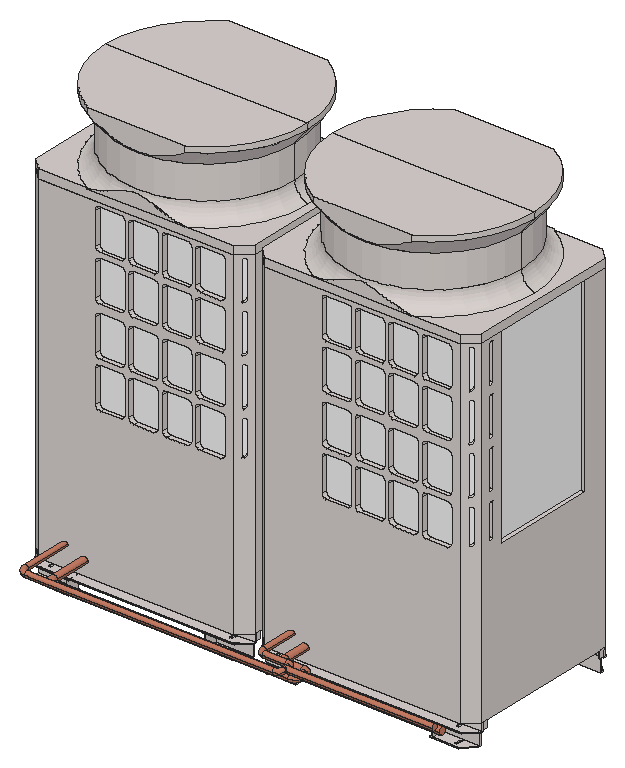
Revit family "PURY-EP600YSNW-A1", category 機械設備, Revit 2016 (continued)
Definition of nested family "PURY-EP300YNW-A1"
  Connectors
    piping at (-217, -189, 176), diameter 22.2, driven by "Gas pipe_radius"
      settings: on Extrusion 18, index 3, connector inside diameter 22.2 mm, connector length 0.000 mm, flow factor 0, pipe flow 0.0 L/s, pressure drop 0.0 Pa, fitting loss kfactor 0, connector angle 0.00°, fixture units 0, engagement length 0.000 mm, angle of deflection 0.00°, flow configuration 0, flow direction 0, fitting loss method 0, system type 22, joint type 0, gender type 0, connector reference index -1, connector utility 0, adjustable connector no, is connector primary yes, connector description "Refrigerant service valve (gas)"
    piping at (-300, -172, 176), diameter 9.52, driven by "Liquid pipe_radius"
      settings: on Extrusion 19, index 4, connector inside diameter 9.52 mm, connector length 0.000 mm, flow factor 0, pipe flow 0.0 L/s, pressure drop 0.0 Pa, fitting loss kfactor 0, connector angle 0.00°, fixture units 0, engagement length 0.000 mm, angle of deflection 0.00°, flow configuration 0, flow direction 0, fitting loss method 0, system type 22, joint type 0, gender type 0, connector reference index -1, connector utility 0, adjustable connector no, is connector primary no, connector description "Refrigerant service valve (Liquid)"
    electrical at (0, -370, 808)
      settings: on cut or joined group of Extrusion 1, Extrusion 2, Extrusion 3, Extrusion 4, Extrusion 5, Extrusion 6, Extrusion 7, Extrusion 8, Extrusion 9, Extrusion 10, Extrusion 11, Extrusion 12, Extrusion 13, Extrusion 14, Extrusion 15, Extrusion 16, Extrusion 17, Extrusion 20, Extrusion 21, Extrusion 22, Extrusion 23, Extrusion 24, Extrusion 25, Extrusion 26, Extrusion 27, Extrusion 28, Extrusion 29, Extrusion 30, Extrusion 31, Extrusion 32, index 5, voltage 415 V, apparent load 0 VA, apparent load phase1 0 VA, apparent load phase2 0 VA, apparent load phase3 0 VA, power factor 1, load classification none, number of poles 3, system type 30, power factor state 1, is connector primary yes, connector utility no, sub classification motor no, connector description ""
  Definition of nested family "FAN GUARD"
    Parameters
      WIDTH [instance] = 920.000 mm
    Reference planes
      plane 1 "中心(正面/背面)": y = 0
      plane 2: z = 0
      plane 3 "中心(左/右)": x = 0
      plane 4 "ファンガード基準面": z = 660
      plane 5: y = 370
      plane 6: y = -370
      plane 7: x = 460
      plane 8: x = -460
      plane 9 "ファンガード基準上面": z = 694
      plane 10 "ファンガード上面": z = 997
    Forms (mm)
      Extrusion 1, solid
        sketch origin (0, 0, 660) x (-1, 0, 0) y (0, -1, 0)
          loop
            line (410, -370) -> (460, -320) -> (460, 320) -> (410, 370) -> (-410, 370) -> (-460, 320) -> (-460, -320) -> (-410, -370) -> (410, -370)
        from 0 to 34
      Revolve 2, solid
        sketch origin (0, 0, 0) x (1, 0, 0) y (0, 0, 1)
          loop
            line (0, 694) -> (0, 997) -> (-423, 997) -> (-423, 973) -> (-368.829, 903.664) -> (-368.829, 764.141)
            arc (-368.829, 764.141) -> (-384.109, 719.678) -> (-423.494, 694) r 72.332
            line (-423.494, 694) -> (0, 694)
          axis (0, 997) -> (0, 694)
        angle from 0 to 360
      Extrusion 3, void
        sketch origin (0, 0, 694) x (-1, 0, 0) y (0, -1, 0)
          loop
            line (345, -370) -> (-345, -370) -> (-345, -545) -> (345, -545) -> (345, -370)
          loop
            line (345, 370) -> (345, 539.592) -> (-345, 539.592) -> (-345, 370) -> (345, 370)
        from 0 to 400
    Cuts and joins
      Extrusion 3 cuts Revolve 2
    Lines and regions (mm)
      model lines
        curve 1: line (-423, 0, 997) -> (-80, 0, 997)
        curve 2: line (80, 0, 997) -> (423, 0, 997)
        curve 3: circle (0, 0, 997) r 80 normal (0, 0, 1)
        curve 4: line (-415.366, -80, 997) -> (415.366, -80, 997)
        curve 5: line (-391.572, -160, 997) -> (391.572, -160, 997)
        curve 6: line (-348.323, -240, 997) -> (348.323, -240, 997)
        curve 7: line (-276.639, -320, 997) -> (276.639, -320, 997)
        curve 8: line (-415.366, 80, 997) -> (415.366, 80, 997)
        curve 9: line (-391.572, 160, 997) -> (391.572, 160, 997)
        curve 10: line (-348.323, 240, 997) -> (348.323, 240, 997)
        curve 11: line (-276.639, 320, 997) -> (276.639, 320, 997)
        curve 12: line (0, 370, 997) -> (0, -370, 997)
        curve 13: line (-20, 370, 997) -> (-20, -370, 997)
        curve 14: line (-40, 370, 997) -> (-40, -370, 997)
        curve 15: line (-60, 370, 997) -> (-60, -370, 997)
        curve 16: line (-80, 370, 997) -> (-80, -370, 997)
        curve 17: line (20, 370, 997) -> (20, -370, 997)
        curve 18: line (40, 370, 997) -> (40, -370, 997)
        curve 19: line (60, 370, 997) -> (60, -370, 997)
        curve 20: line (80, 370, 997) -> (80, -370, 997)
        curve 21: line (100, 370, 997) -> (100, -370, 997)
        curve 22: line (120, 370, 997) -> (120, -370, 997)
        curve 23: line (140, 370, 997) -> (140, -370, 997)
        curve 24: line (160, 370, 997) -> (160, -370, 997)
        curve 25: line (180, 370, 997) -> (180, -370, 997)
        curve 26: line (200, 370, 997) -> (200, -370, 997)
        curve 27: line (220, 361.288, 997) -> (220, -361.288, 997)
        curve 28: line (240, 348.323, 997) -> (240, -348.323, 997)
        curve 29: line (260, 333.66, 997) -> (260, -333.66, 997)
        curve 30: line (280, 317.063, 997) -> (280, -317.063, 997)
        curve 31: line (300, 298.21, 997) -> (300, -298.21, 997)
        curve 32: line (320, 276.639, 997) -> (320, -276.639, 997)
        curve 33: line (340, 251.653, 997) -> (340, -251.653, 997)
        curve 34: line (360, 222.101, 997) -> (360, -222.101, 997)
        curve 35: line (380, 185.82, 997) -> (380, -185.82, 997)
        curve 36: line (400, 137.583, 997) -> (400, -137.583, 997)
        curve 37: line (420, 50.289, 997) -> (420, -50.289, 997)
        curve 38: line (-100, 370, 997) -> (-100, -370, 997)
        curve 39: line (-120, 370, 997) -> (-120, -370, 997)
        curve 40: line (-140, 370, 997) -> (-140, -370, 997)
        curve 41: line (-160, 370, 997) -> (-160, -370, 997)
        curve 42: line (-180, 370, 997) -> (-180, -370, 997)
        curve 43: line (-200, 370, 997) -> (-200, -370, 997)
        curve 44: line (-220, 361.288, 997) -> (-220, -361.288, 997)
        curve 45: line (-240, 348.323, 997) -> (-240, -348.323, 997)
        curve 46: line (-260, 333.66, 997) -> (-260, -333.66, 997)
        curve 47: line (-280, 317.063, 997) -> (-280, -317.063, 997)
        curve 48: line (-300, 298.21, 997) -> (-300, -298.21, 997)
        curve 49: line (-320, 276.639, 997) -> (-320, -276.639, 997)
        curve 50: line (-340, 251.653, 997) -> (-340, -251.653, 997)
        curve 51: line (-360, 222.101, 997) -> (-360, -222.101, 997)
        curve 52: line (-380, 185.82, 997) -> (-380, -185.82, 997)
        curve 53: line (-400, 137.583, 997) -> (-400, -137.583, 997)
        curve 54: line (-420, 50.289, 997) -> (-420, -50.289, 997)
        curve 55: line (10, 79.373, 997) -> (10, -79.373, 997)
        curve 56: line (-10, 79.373, 997) -> (-10, -79.373, 997)
        curve 57: line (30, 74.162, 997) -> (30, -74.162, 997)
        curve 58: line (50, 62.45, 997) -> (50, -62.45, 997)
        curve 59: line (70, 38.73, 997) -> (70, -38.73, 997)
        curve 60: line (-30, 74.162, 997) -> (-30, -74.162, 997)
        curve 61: line (-50, 62.45, 997) -> (-50, -62.45, 997)
        curve 62: line (-70, 38.73, 997) -> (-70, -38.73, 997)
    Dimensions and locks
      "WIDTH": plane 8 to plane 7
      locked: plane 6 to plane 5 at 740
      equal spacing: plane 8, plane 3 "中心(左/右)", plane 7
      equal spacing: plane 6, plane 1 "中心(正面/背面)", plane 5
      plane 3 "中心(左/右)" to Revolve 2 sketch curve = 423.000 mm
      locked: plane 10 "ファンガード上面" to plane 9 "ファンガード基準上面" at 303
      aligned and locked: level to plane 2
      aligned and locked: plane 5 to Extrusion 1 sketch curve
      aligned and locked: Extrusion 1 sketch curve to plane 6
      aligned and locked: plane 8 to Extrusion 1 sketch curve
      aligned and locked: plane 7 to Extrusion 1 sketch curve
      aligned and locked: plane 9 "ファンガード基準上面" to Extrusion 1
      aligned and locked: plane 4 "ファンガード基準面" to Extrusion 1
      aligned and locked: plane 9 "ファンガード基準上面" to Revolve 2 sketch curve
      aligned and locked: Revolve 2 sketch curve to plane 3 "中心(左/右)"
      aligned and locked: Extrusion 1 to Extrusion 3 sketch curve
      aligned and locked: Extrusion 3 sketch curve to Extrusion 1
      aligned and locked: cut or joined group of Revolve 2, Extrusion 3 to plane 10 "ファンガード上面"
    Automatic sketch dimensions
      Extrusion 1 sketch curve to plane 7 = 50.000 mm  (x2)
      plane 8 to Extrusion 1 sketch curve = 50.000 mm  (x2)
      plane 5 to Extrusion 1 sketch curve = 50.000 mm  (x2)
      Extrusion 1 sketch curve to plane 6 = 50.000 mm  (x2)
      plane 3 "中心(左/右)" to Extrusion 3 sketch curve = 345.000 mm  (x2)
      Extrusion 3 sketch curve to plane 3 "中心(左/右)" = 345.000 mm  (x2)
      Extrusion 3 sketch curve to Extrusion 3 sketch curve = 175.000 mm
      Extrusion 3 sketch curve to Extrusion 3 sketch curve = 169.592 mm
      plane 1 "中心(正面/背面)" to curve 2 = 0.000 mm
      plane 1 "中心(正面/背面)" to curve 3 = 0.000 mm
      curve 3 to plane 3 "中心(左/右)" = 0.000 mm
      curve 12 to plane 3 "中心(左/右)" = 0.000 mm
      plane 1 "中心(正面/背面)" to curve 1 = 0.000 mm
      plane 3 "中心(左/右)" to curve 55 = 10.000 mm
      curve 17 to curve 12 = 20.000 mm
      curve 57 to curve 55 = 20.000 mm
      curve 18 to curve 17 = 20.000 mm
      curve 58 to curve 57 = 20.000 mm
      curve 19 to curve 18 = 20.000 mm
      curve 59 to curve 58 = 20.000 mm
      curve 20 to curve 19 = 20.000 mm
      curve 2 to curve 59 = 10.000 mm
      curve 21 to curve 20 = 20.000 mm
      curve 22 to curve 21 = 20.000 mm
      curve 23 to curve 22 = 20.000 mm
      curve 24 to curve 23 = 20.000 mm
      curve 25 to curve 24 = 20.000 mm
      curve 26 to curve 25 = 20.000 mm
      curve 27 to curve 26 = 20.000 mm
      curve 28 to curve 27 = 20.000 mm
      curve 29 to curve 28 = 20.000 mm
      curve 11 to curve 29 = 16.639 mm
      curve 7 to curve 29 = 16.639 mm
      curve 30 to curve 7 = 3.361 mm
      curve 31 to curve 30 = 20.000 mm
      curve 32 to curve 31 = 20.000 mm
      curve 33 to curve 32 = 20.000 mm
      curve 6 to curve 33 = 8.323 mm
      curve 10 to curve 33 = 8.323 mm
      curve 34 to curve 10 = 11.677 mm
      curve 35 to curve 34 = 20.000 mm
      curve 9 to curve 35 = 11.572 mm
      curve 5 to curve 35 = 11.572 mm
      curve 36 to curve 9 = 8.428 mm
      curve 8 to curve 36 = 15.366 mm
      curve 4 to curve 36 = 15.366 mm
      curve 37 to curve 8 = 4.634 mm
      curve 2 to curve 37 = 3.000 mm
      curve 56 to plane 3 "中心(左/右)" = 10.000 mm
      curve 13 to plane 3 "中心(左/右)" = 20.000 mm
      curve 56 to curve 60 = 20.000 mm
      curve 13 to curve 14 = 20.000 mm
      curve 60 to curve 61 = 20.000 mm
      curve 14 to curve 15 = 20.000 mm
      curve 61 to curve 62 = 20.000 mm
      curve 15 to curve 16 = 20.000 mm
      curve 16 to curve 38 = 20.000 mm
      curve 38 to curve 39 = 20.000 mm
      curve 39 to curve 40 = 20.000 mm
      curve 40 to curve 41 = 20.000 mm
      curve 41 to curve 42 = 20.000 mm
      curve 42 to curve 43 = 20.000 mm
      curve 43 to curve 44 = 20.000 mm
      curve 44 to curve 45 = 20.000 mm
      curve 45 to curve 46 = 20.000 mm
      curve 46 to curve 7 = 16.639 mm
      curve 46 to curve 11 = 16.639 mm
      curve 7 to curve 47 = 3.361 mm
      curve 47 to curve 48 = 20.000 mm
      curve 48 to curve 49 = 20.000 mm
      curve 49 to curve 50 = 20.000 mm
      curve 50 to curve 6 = 8.323 mm
      curve 50 to curve 10 = 8.323 mm
      curve 10 to curve 51 = 11.677 mm
      curve 51 to curve 52 = 20.000 mm
      curve 52 to curve 9 = 11.572 mm
      curve 52 to curve 5 = 11.572 mm
      curve 5 to curve 53 = 8.428 mm
      curve 53 to curve 4 = 15.366 mm
      curve 53 to curve 8 = 15.366 mm
      curve 4 to curve 54 = 4.634 mm
      curve 54 to curve 1 = 3.000 mm
      curve 8 to plane 1 "中心(正面/背面)" = 80.000 mm
      curve 36 to curve 8 = 57.583 mm
      curve 53 to curve 8 = 57.583 mm
      curve 9 to curve 36 = 22.417 mm
      curve 52 to curve 9 = 25.820 mm
      curve 35 to curve 9 = 25.820 mm
      curve 51 to curve 52 = 36.282 mm
      curve 34 to curve 35 = 36.282 mm
      curve 10 to curve 51 = 17.899 mm
      curve 33 to curve 10 = 11.653 mm
      curve 50 to curve 10 = 11.653 mm
      curve 49 to curve 50 = 24.986 mm
      curve 32 to curve 33 = 24.986 mm
      curve 48 to curve 49 = 21.571 mm
      curve 31 to curve 32 = 21.571 mm
      curve 47 to curve 48 = 18.853 mm
      curve 30 to curve 31 = 18.853 mm
      curve 11 to curve 30 = 2.937 mm
      curve 29 to curve 11 = 13.660 mm
      curve 46 to curve 11 = 13.660 mm
      curve 28 to curve 29 = 14.663 mm
      curve 45 to curve 46 = 14.663 mm
      curve 44 to curve 45 = 12.965 mm
      curve 27 to curve 28 = 12.965 mm
      curve 12 to curve 27 = 8.712 mm
      curve 12 to curve 21 = 0.000 mm
      curve 13 to curve 12 = 0.000 mm
      curve 14 to curve 13 = 0.000 mm  (x2)
      curve 12 to curve 18 = 0.000 mm
      curve 21 to curve 23 = 0.000 mm
      curve 43 to curve 44 = 8.712 mm
      curve 23 to curve 24 = 0.000 mm  (x2)
      curve 43 to curve 42 = 0.000 mm  (x2)
      curve 24 to curve 25 = 0.000 mm  (x2)
      curve 42 to curve 41 = 0.000 mm  (x2)
      curve 25 to curve 26 = 0.000 mm  (x2)
      curve 41 to curve 40 = 0.000 mm  (x2)
      curve 20 to curve 21 = 0.000 mm  (x2)
      curve 40 to curve 39 = 0.000 mm  (x2)
      curve 15 to curve 14 = 0.000 mm
      curve 39 to curve 38 = 0.000 mm
      curve 38 to curve 16 = 0.000 mm  (x2)
      curve 18 to curve 19 = 0.000 mm  (x2)
      curve 12 to curve 17 = 0.000 mm  (x2)
      curve 21 to curve 22 = 0.000 mm  (x2)
      curve 8 to curve 37 = 29.711 mm
      curve 8 to curve 54 = 29.711 mm
      plane 1 "中心(正面/背面)" to curve 37 = 50.289 mm
      plane 1 "中心(正面/背面)" to curve 54 = 50.289 mm
      curve 37 to curve 4 = 29.711 mm
      curve 4 to curve 36 = 57.583 mm
      curve 4 to curve 53 = 57.583 mm
      curve 36 to curve 5 = 22.417 mm
      curve 5 to curve 52 = 25.820 mm
      curve 5 to curve 35 = 25.820 mm
      curve 35 to curve 34 = 36.282 mm
      curve 52 to curve 51 = 36.282 mm
      curve 51 to curve 6 = 17.899 mm
      curve 6 to curve 50 = 11.653 mm
      curve 6 to curve 33 = 11.653 mm
      curve 50 to curve 49 = 24.986 mm
      curve 33 to curve 32 = 24.986 mm
      curve 49 to curve 48 = 21.571 mm
      curve 32 to curve 31 = 21.571 mm
      curve 48 to curve 47 = 18.853 mm
      curve 31 to curve 30 = 18.853 mm
      curve 30 to curve 7 = 2.937 mm
      curve 7 to curve 46 = 13.660 mm
      curve 7 to curve 29 = 13.660 mm
      curve 29 to curve 28 = 14.663 mm
      curve 46 to curve 45 = 14.663 mm
      curve 45 to curve 44 = 12.965 mm
      curve 28 to curve 27 = 12.965 mm
      curve 44 to curve 13 = 8.712 mm
      curve 27 to curve 23 = 8.712 mm
      curve 15 to curve 13 = 0.000 mm
      curve 44 to curve 42 = 8.712 mm
      curve 16 to curve 15 = 0.000 mm
      curve 22 to curve 23 = 0.000 mm
      curve 13 to curve 17 = 0.000 mm
      curve 17 to curve 19 = 0.000 mm
      Revolve 2 sketch curve to plane 3 "中心(左/右)" = 0.000 mm
      Revolve 2 sketch curve to plane 10 "ファンガード上面" = 0.000 mm
      plane 9 "ファンガード基準上面" to Revolve 2 sketch curve = 70.141 mm
      Revolve 2 sketch curve to Revolve 2 sketch curve = 18.161 mm
      Revolve 2 sketch curve to level = 1700.815 mm
      Revolve 2 sketch curve to plane 10 "ファンガード上面" = 93.336 mm
      Revolve 2 sketch curve to plane 10 "ファンガード上面" = 24.000 mm
      Revolve 2 sketch curve to Revolve 2 sketch curve = 790.769 mm
      Revolve 2 sketch curve to Revolve 2 sketch curve = 17.668 mm
  Definition of nested family "BASE LEG"
    Parameters
      Width [instance] = 920.000 mm
    Reference planes
      plane 1 "中心(正面/背面)": y = 0
      plane 2: z = 0
      plane 3 "中心(左/右)": x = 0
      plane 4: x = 460
      plane 5: x = -460
      plane 6: x = -380
      plane 7: x = 380
      plane 8: y = -18
      plane 9: y = 39
      plane 10: z = 53
      plane 11: y = 42
      plane 12: y = 27
      plane 13: x = 415
      plane 14: x = -415
      plane 15: z = 8
      plane 16: y = 11.5
      plane 17: z = 35
    Forms (mm)
      Extrusion 1, solid
        sketch origin (0, 0, 0) x (0, 1, 0) y (0, 0, 1)
          loop
            line (-18, 0) -> (36, 0) -> (36, 32) -> (56, 32) -> (56, 35) -> (33, 35) -> (33, 3) -> (-18, 3) -> (-18, 0)
        from -460 to 460
      Extrusion 2, void
        sketch origin (0, 0, 0) x (1, 0, 0) y (0, 1, 0)
          loop
            line (415, -18) -> (460, -18) -> (460, 27) -> (415, -18)
          loop
            line (-415, -18) -> (-460, 27) -> (-460, -18) -> (-415, -18)
        from 0 to 250
      Extrusion 3, void
        sketch origin (0, 12.023, 0) x (1, 0, 0) y (0, 1, 0)
          loop
            arc (373, -2.971) -> (380, -9.971) -> (387, -2.971) r 7
            line (387, -2.971) -> (387, 3.023)
            arc (387, 3.023) -> (380, 10.023) -> (373, 3.023) r 7
            line (373, 3.023) -> (373, -2.971)
          loop
            line (-373, -2.971) -> (-373, 3.023)
            arc (-373, 3.023) -> (-380, 10.023) -> (-387, 3.023) r 7
            line (-387, 3.023) -> (-387, -2.971)
            arc (-387, -2.971) -> (-380, -9.971) -> (-373, -2.971) r 7
        from 0 to 250
      Extrusion 4, solid
        sketch origin (0, 0, -3) x (1, 0, 0) y (0, 0, 1)
          loop
            line (457, 8) -> (460, 8) -> (460, 35) -> (457, 35) -> (457, 8)
          loop
            line (-457, 8) -> (-457, 35) -> (-460, 35) -> (-460, 8) -> (-457, 8)
        from -36 to -56
      Extrusion 5, solid
        sketch origin (150, 352, 0) x (1, 0, 0) y (0, 1, 0)
          loop
            line (310, -319) -> (305, -319) -> (305, -320) -> (255, -370) -> (260, -370) -> (310, -320) -> (310, -319)
        from 3 to 35
      Extrusion 6, void
        sketch origin (410, -18, 0) x (0.707107, 0.707107, 0) y (0, 0, 1)
          loop
            line (70.711, 3) -> (-6.741, 39.767) -> (-6.741, 3) -> (70.711, 3)
        from -190.256 to 23.776
      Extrusion 7, solid
        sketch origin (-150, 352, 0) x (-1, 0, 0) y (0, -1, 0)
          loop
            line (310, 319) -> (310, 320) -> (260, 370) -> (255, 370) -> (305, 320) -> (305, 319) -> (310, 319)
        from 3 to 35
      Extrusion 8, void
        sketch origin (-410, -18, 0) x (0.707107, -0.707107, 0) y (0, 0, -1)
          loop
            line (-70.711, -3) -> (0, -35) -> (6.741, -35) -> (6.741, -3) -> (-70.711, -3)
        from -190.256 to 23.776
    Cuts and joins
      Extrusion 2, Extrusion 3 cuts Extrusion 1
      joined: Extrusion 1, Extrusion 4
      Extrusion 8 cuts Extrusion 7
      Extrusion 6 cuts Extrusion 5
    Dimensions and locks
      "Width": plane 5 to plane 4
      equal spacing: plane 5, plane 3 "中心(左/右)", plane 4
      locked: plane 5 to plane 6 at 80
      locked: plane 7 to plane 4 at 80
      locked: plane 8 to plane 9 at 57
      locked: plane 10 to level at 53
      locked: plane 9 to plane 11 at 3
      plane 8 to plane 12 = 45.000 mm
      locked: plane 13 to plane 4 at 45
      locked: plane 5 to plane 14 at 45
      equal spacing: Extrusion 3 sketch curve, plane 7, Extrusion 3 sketch curve
      equal spacing: Extrusion 3 sketch curve, plane 6, Extrusion 3 sketch curve
      locked: plane 10 to plane 15 at 45
      locked: cut or joined group of Extrusion 1, Extrusion 2, Extrusion 3, Extrusion 4 to Extrusion 4 sketch curve at 3  (x2)
      locked: plane 8 to plane 16 at 29.5
      plane 8 to plane 11 = 60.000 mm
      cut or joined group of Extrusion 1, Extrusion 2, Extrusion 3, Extrusion 4 to cut or joined group of Extrusion 1, Extrusion 2, Extrusion 3, Extrusion 4 = 35.000 mm
      aligned and locked: level to plane 2
      aligned and locked: plane 8 to Extrusion 1 sketch curve
      aligned and locked: plane 4 to Extrusion 1
      aligned and locked: Extrusion 1 to plane 5
      aligned and locked: Extrusion 2 sketch curve to plane 4
      aligned and locked: Extrusion 2 sketch curve to plane 8
      aligned and locked: plane 12 to Extrusion 2 sketch curve
      aligned and locked: plane 13 to Extrusion 2 sketch curve
      aligned and locked: plane 4 to Extrusion 4 sketch curve
      aligned and locked: plane 5 to Extrusion 4 sketch curve
      aligned and locked: cut or joined group of Extrusion 7, Extrusion 8 to cut or joined group of Extrusion 1, Extrusion 2, Extrusion 3, Extrusion 4
    Automatic sketch dimensions
      Extrusion 3 sketch curve to plane 1 "中心(正面/背面)" = 9.052 mm  (x2)
      Extrusion 3 sketch curve to plane 7 = 7.000 mm
      Extrusion 3 sketch curve to plane 1 "中心(正面/背面)" = 15.046 mm  (x2)
      Extrusion 3 sketch curve to plane 6 = 7.000 mm
      Extrusion 2 sketch curve to plane 5 = 0.000 mm
      plane 8 to Extrusion 2 sketch curve = 0.000 mm
      Extrusion 2 sketch curve to plane 14 = 0.000 mm
      plane 12 to Extrusion 2 sketch curve = 0.000 mm
      Extrusion 4 sketch curve to plane 10 = 21.000 mm
      plane 7 to Extrusion 5 sketch curve = 25.000 mm
      Extrusion 5 sketch curve to Extrusion 5 sketch curve = 5.000 mm  (x2)
      plane 7 to Extrusion 5 sketch curve = 75.000 mm
      plane 8 to Extrusion 5 sketch curve = 0.000 mm
      Extrusion 5 sketch curve to Extrusion 5 sketch curve = 50.000 mm
      Extrusion 5 sketch curve to Extrusion 5 sketch curve = 0.000 mm
      Extrusion 5 sketch curve to Extrusion 5 sketch curve = 1.000 mm
      Extrusion 6 sketch curve to Extrusion 5 = 0.000 mm  (x2)
      Extrusion 6 sketch curve to Extrusion 5 = 6.741 mm
      Extrusion 6 sketch curve to Extrusion 5 = 4.767 mm
      plane 6 to Extrusion 7 sketch curve = 25.000 mm
      Extrusion 7 sketch curve to Extrusion 7 sketch curve = 5.000 mm  (x2)
      Extrusion 7 sketch curve to Extrusion 7 sketch curve = 45.000 mm
      Extrusion 7 sketch curve to plane 8 = 0.000 mm
      Extrusion 7 sketch curve to Extrusion 7 sketch curve = 50.000 mm
      Extrusion 7 sketch curve to Extrusion 7 sketch curve = 0.000 mm
      Extrusion 7 sketch curve to Extrusion 7 sketch curve = 1.000 mm
      Extrusion 8 sketch curve to Extrusion 7 = 0.000 mm  (x2)
      Extrusion 7 to Extrusion 8 sketch curve = 0.000 mm  (x2)
      Extrusion 7 to Extrusion 8 sketch curve = 6.741 mm
      Extrusion 4 sketch curve to plane 17 = 3.000 mm
      Extrusion 4 sketch curve to plane 15 = 3.000 mm  (x2)
      Extrusion 1 sketch curve to plane 17 = 0.000 mm
      Extrusion 1 sketch curve to level = 0.000 mm
      level to Extrusion 1 sketch curve = 3.000 mm
      plane 9 to Extrusion 1 sketch curve = 6.000 mm
      plane 9 to Extrusion 1 sketch curve = 3.000 mm
      Extrusion 1 sketch curve to plane 17 = 3.000 mm
      Extrusion 1 sketch curve to plane 11 = 14.000 mm
  Definition of nested family "ATTACHMENT LEG"
    Parameters
      Width = 145.000 mm
    Reference planes
      plane 1: z = 0
      plane 2 "中心(左/右)": x = -6
      plane 3: x = -52
      plane 4: x = 85
      plane 5: x = 93
      plane 6: y = -21
      plane 7: y = 27
      plane 8: x = -30
      plane 9: y = 39
      plane 10: z = 60
      plane 11: z = 57
      plane 12: z = 3
      plane 13: x = 82
      plane 14: y = 36
      plane 15: x = -75
      plane 16: y = 31
      plane 17 "幅": x = 93
      plane 18: y = 2.5
      plane 19: y = 21
      plane 20: y = -10
    Forms (mm)
      Extrusion 1, solid
        sketch origin (0, -1, 0) x (1, 0, 0) y (0, 1, 0)
          loop
            line (-75, 36) -> (-75, 27) -> (-28, -20) -> (93, -20) -> (93, 32) -> (85, 32) -> (85, 36) -> (-75, 36)
        from 0 to 60
      Extrusion 2, void
        sketch origin (0, -3, 0) x (1, 0, 0) y (0, 0, 1)
          loop
            line (-75, 57) -> (-75, 3) -> (82, 3) -> (82, 57) -> (-75, 57)
          loop
            line (93, 57) -> (85, 57) -> (85, 3) -> (93, 3) -> (93, 57)
        from -35 to 18
      Extrusion 3, void
        sketch origin (-6, 5.5, 0) x (1, 0, 0) y (0, 1, 0)
          loop
            arc (-7, -8.5) -> (0, -15.5) -> (7, -8.5) r 7
            line (7, -8.5) -> (7, 8.5)
            arc (7, 8.5) -> (0, 15.5) -> (-7, 8.5) r 7
            line (-7, 8.5) -> (-7, -8.5)
        from 0 to 60
    Cuts and joins
      Extrusion 2, Extrusion 3 cuts Extrusion 1
    Dimensions and locks
      locked: plane 3 to plane 4 at 137
      locked: plane 3 to plane 5 at 145
      plane 6 to plane 7 = 48.000 mm
      locked: plane 10 to level at 60
      Extrusion 3 sketch curve to plane 2 "中心(左/右)" = 7.000 mm
      locked: plane 15 to plane 2 "中心(左/右)" at 69
      locked: plane 15 to plane 8 at 45
      locked: plane 6 to plane 18 at 23.5
      cut or joined group of Extrusion 1, Extrusion 2, Extrusion 3 to cut or joined group of Extrusion 1, Extrusion 2, Extrusion 3 = 168.000 mm
      cut or joined group of Extrusion 1, Extrusion 2, Extrusion 3 to cut or joined group of Extrusion 1, Extrusion 2, Extrusion 3 = 56.000 mm  (x2)
      plane 14 to plane 6 = 57.000 mm
      aligned and locked: level to plane 1
      aligned and locked: Extrusion 1 sketch curve to plane 4
      aligned and locked: Extrusion 1 sketch curve to plane 5
      aligned: plane 8 to Extrusion 1 sketch curve
      aligned and locked: plane 10 to Extrusion 1
      aligned and locked: Extrusion 2 sketch curve to plane 11
      aligned: plane 3 to Extrusion 2 sketch curve
      aligned and locked: plane 12 to Extrusion 2 sketch curve
      aligned and locked: Extrusion 2 sketch curve to plane 13
      aligned and locked: plane 6 to Extrusion 2
      aligned and locked: plane 11 to Extrusion 2 sketch curve
      aligned and locked: plane 5 to Extrusion 2 sketch curve
      aligned and locked: Extrusion 2 sketch curve to plane 12
      aligned and locked: Extrusion 2 sketch curve to plane 4
      aligned and locked: plane 15 to Extrusion 1 sketch curve
      aligned and locked: Extrusion 2 sketch curve to cut or joined group of Extrusion 1, Extrusion 2, Extrusion 3
      aligned and locked: Extrusion 1 to plane 16
Types (6, lengths in mm): name | Voltage | InstallationDate | Hertz | Heating Rated Load Ampacity (A) | Heating Current Input (Nominal) (A) | Heating Current Input (A) | Equip_description | Equip_ID | Description | CreatedOn | CreatedBy | Cooling Rated Load Ampacity (A) | Cooling Current Input (A) | Category | Barcode | AssetIdentifier
  PURY-EP600YSNW-A1_380V_50Hz | 380 V | "" | 50 Hz | 33.7 | 28.7 | 33.7 | "" | "" | "" | "" | "" | 29.2 | 29.2 | "" | "" | ""
  PURY-EP600YSNW-A1_380V_60Hz | 380 V | "0" | 60 Hz | 33.7 | 28.7 | 33.7 | "0" | "0" | "0" | "0" | "0" | 29.2 | 29.2 | "0" | "0" | "0"
  PURY-EP600YSNW-A1_400V_50Hz | 400 V | "0" | 50 Hz | 32.1 | 27.3 | 32.1 | "0" | "0" | "0" | "0" | "0" | 27.7 | 27.7 | "0" | "0" | "0"
  PURY-EP600YSNW-A1_400V_60Hz | 400 V | "0" | 60 Hz | 32.1 | 27.3 | 32.1 | "0" | "0" | "0" | "0" | "0" | 27.7 | 27.7 | "0" | "0" | "0"
  PURY-EP600YSNW-A1_415V_50Hz | 415 V | "0" | 50 Hz | 30.9 | 26.3 | 30.9 | "0" | "0" | "0" | "0" | "0" | 26.7 | 26.7 | "0" | "0" | "0"
  PURY-EP600YSNW-A1_415V_60Hz | 415 V | "0" | 60 Hz | 30.9 | 26.3 | 30.9 | "0" | "0" | "0" | "0" | "0" | 26.7 | 26.7 | "0" | "0" | "0"
